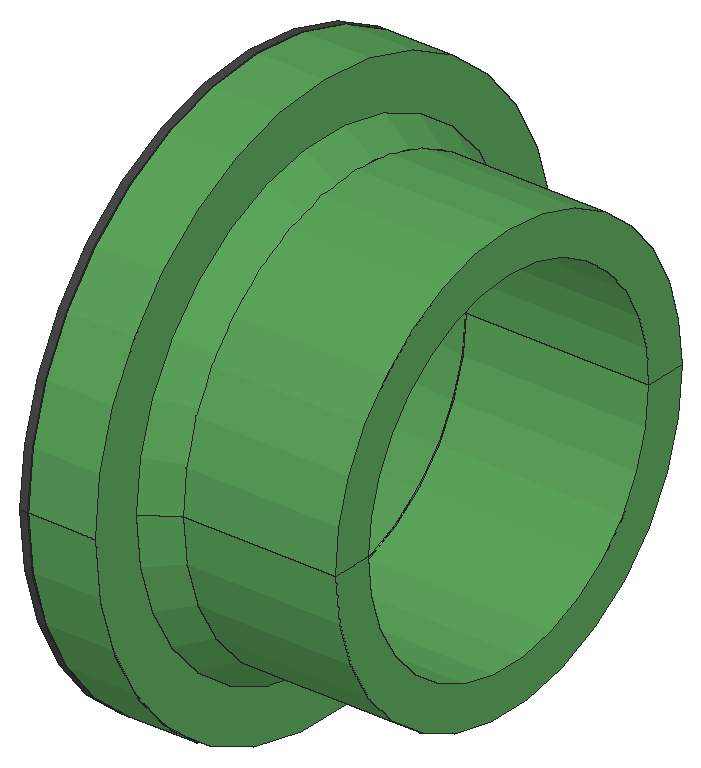
Revit family "Aquatherm_Втулка сбуртиком для сварки встык", category Соединительные детали трубопроводов, Revit 2019
Family settings
  Размер круглого соединителя = Использовать диаметр
  Тип детали = Соединение
  На основе рабочей плоскости = Нет
  Всегда вертикально = Да
  При загрузке вырезать с полостями = Нет
  Общий = Нет
Parameters (values of type "SDR 11")
  Материал_Корпус_2 = AquaTherm black pipe
  Материал_Корпус = AquaTherm green pipe
  z2 [instance] = size_lookup("Втулка сбуртиком для сварки встык", "z2", 5 mm, d, SDR)  # 3 mm
  URL = "www.agpipe.ru"
  SDR = 11 mm
  L [instance] = size_lookup("Втулка сбуртиком для сварки встык", "L", 5 mm, d, SDR)  # 93 mm
  D1 [instance] = size_lookup("Втулка сбуртиком для сварки встык", "D1", D + 30 mm, d, SDR)  # 212 mm
  D [instance] = size_lookup("Втулка сбуртиком для сварки встык", "D", d + 15 mm, d, SDR)  # 175 mm
  l [instance] = size_lookup("Втулка сбуртиком для сварки встык", "l", 70 mm, d, SDR)  # 25 mm
  d [instance] = 160 mm
  ADSK_Примечание = ""
  ADSK_Позиция [instance] = ""
  ADSK_Обозначение = ""
  ADSK_Наименование [instance] = size_lookup("Втулка сбуртиком для сварки встык", "ADSK_Наименование", "Нет в каталоге", d, SDR)  # "Втулка с буртиком для сварки встык DN168"
  ADSK_Масса_Текст [instance] = size_lookup("Втулка сбуртиком для сварки встык", "ADSK_Масса_Текст", "Нет в каталоге", d, SDR)  # "0.955"
  ADSK_Код изделия [instance] = size_lookup("Втулка сбуртиком для сварки встык", "ADSK_Код изделия", "Нет в каталоге", d, SDR)  # "15531"
  ADSK_Завод-изготовитель = "Aquatherm"  # constant formula
  ADSK_Единица измерения = "шт."  # constant formula
Types (4, lengths in mm): name | SDR | ADSK_Наименование | ADSK_Масса_Текст | ADSK_Код изделия
  (no name) | 11 | "Втулка с буртиком для сварки встык DN168" | "0.955" | "15531"
  SDR 9 | 9 | "Втулка с буртиком для сварки встык DN160" | "1.163" | "15530"
  SDR 11 | 11 | "Втулка с буртиком для сварки встык DN168" | "0.955" | "15531"
  SDR 17.6 | 17.6 | "Втулка с буртиком для сварки встык DN175" | "0.821" | "2515530"
Reference planes
  plane 1 "По центру (Вперед/Назад)": y = 0
  plane 2: z = 0
  plane 3 "По центру (Влево/Вправо)": x = 0
  plane 4: x = -46.5
  plane 5: x = 46.5
  plane 6: x = -49.5
  plane 7: x = -20
  plane 8: x = -21.5
  plane 9: y = 80
  plane 10: y = -80
  plane 11: y = -87.5
  plane 12: y = 87.5
  plane 13: y = 80
  plane 14: y = -80
Forms (mm)
  Extrusion 1, solid, material "AquaTherm black pipe" <- "Материал_Корпус_2"
    sketch origin (0, 0, 0) x (0, 1, 0) y (0, 0, 1)
      loop
        circle (0, 0) r 106
    from -49.5 to -46.5
  Extrusion 2, solid, material "AquaTherm green pipe" <- "Материал_Корпус"
    sketch origin (0, 0, 0) x (0, 1, 0) y (0, 0, 1)
      loop
        circle (0, 0) r 106
    from -46.5 to -21.5
  Revolve 3, solid, material "AquaTherm green pipe" <- "Материал_Корпус"
    sketch origin (0, 0, 0) x (1, 0, 0) y (0, 1, 0)
      loop
        line (-21.5, 65) -> (46.5, 65) -> (46.5, 80) -> (-10, 80) -> (-21.5, 87.5) -> (-21.5, 65)
      axis (-21.5, 0) -> (46.5, 0)
    angle from 0 to 360
  Revolve 4, void
    sketch origin (0, 0, 0) x (1, 0, 0) y (0, 1, 0)
      loop
        line (-21.5, 65) -> (-46.5, 69.957) -> (-49.5, 69.957) -> (-49.5, 0) -> (-21.5, 0) -> (-21.5, 65)
      axis (-49.5, 0) -> (-21.5, 0)
    angle from 0 to 360
Cuts and joins
  Revolve 4 cuts Extrusion 1
  Revolve 4 cuts Extrusion 2
Lines and regions (mm)
  reference lines
    curve 1: line (-46.5, 0, 0) -> (46.5, 0, 0)
Dimensions and locks
  equal spacing: plane 4, plane 3 "По центру (Влево/Вправо)", plane 5
  "z2": plane 6 to plane 4
  "L": plane 4 to plane 5
  "l": plane 4 to plane 8
  equal spacing: plane 9, plane 1 "По центру (Вперед/Назад)", plane 10
  "d": plane 9 to plane 10
  equal spacing: plane 11, plane 1 "По центру (Вперед/Назад)", plane 12
  "D": plane 11 to plane 12
  locked: Revolve 3 sketch curve to plane 9 at 15
  equal spacing: plane 13, plane 1 "По центру (Вперед/Назад)", plane 14
  "d": plane 13 to plane 14
  locked: Revolve 4 sketch curve to plane 13 at 10.043
  locked: Revolve 4 sketch curve to plane 13 at 15
  "D1": diameter of Extrusion 1 sketch curve
  "D1": diameter of Extrusion 2 sketch curve
  aligned and locked: level to plane 2
  aligned and locked: plane 5 to curve 1
  aligned and locked: plane 4 to curve 1
  aligned and locked: plane 1 "По центру (Вперед/Назад)" to curve 1
  aligned and locked: Extrusion 1 to plane 6
  aligned and locked: plane 4 to Extrusion 1
  aligned and locked: Extrusion 2 to plane 4
  aligned and locked: plane 8 to Extrusion 2
  aligned and locked: plane 9 to Revolve 3 sketch curve
  aligned and locked: plane 5 to Revolve 3 sketch curve
  aligned and locked: Revolve 3 sketch curve to plane 8
  aligned and locked: plane 12 to Revolve 3 sketch curve
  aligned and locked: plane 1 "По центру (Вперед/Назад)" to Revolve 3 sketch curve
  aligned and locked: plane 8 to Revolve 4 sketch curve
  aligned and locked: Revolve 4 sketch curve to plane 6
  aligned and locked: plane 1 "По центру (Вперед/Назад)" to Revolve 4 sketch curve  (x2)
  aligned and locked: plane 4 to Revolve 4 sketch curve
Automatic sketch dimensions
  Extrusion 1 sketch curve to level = 0 mm
  Extrusion 1 sketch curve to plane 1 "По центру (Вперед/Назад)" = 0 mm
  Extrusion 2 sketch curve to level = 0 mm
  Extrusion 2 sketch curve to plane 1 "По центру (Вперед/Назад)" = 0 mm
  Revolve 3 sketch curve to plane 3 "По центру (Влево/Вправо)" = 10 mm
  Revolve 3 sketch curve to plane 5 = 9 mm
  plane 5 to Revolve 3 sketch curve = 100 mm
  Revolve 4 sketch curve to plane 6 = 40 mm
  Revolve 4 sketch curve to plane 8 = 9 mm
Connectors
  piping at (-46.5, 0, 0), diameter 160, driven by "d"
    settings: on curve 1, index 1, connector inside diameter 609.6 mm, connector length 0 mm, flow factor 0, pipe flow 0.0 L/s, pressure drop 0.0 Pa, fitting loss kfactor 0, connector angle 0.00°, fixture units 0, engagement length 0 mm, angle of deflection 0.00°, flow configuration 0, flow direction 0, fitting loss method 0, system type 28, joint type 0, gender type 0, connector reference index 2, connector utility 0, adjustable connector no, is connector primary yes, connector description ""
  piping at (46.5, 0, 0), diameter 160, driven by "d"
    settings: on curve 1, index 2, connector inside diameter 609.6 mm, connector length 0 mm, flow factor 0, pipe flow 0.0 L/s, pressure drop 0.0 Pa, fitting loss kfactor 0, connector angle 0.00°, fixture units 0, engagement length 0 mm, angle of deflection 0.00°, flow configuration 0, flow direction 0, fitting loss method 0, system type 28, joint type 0, gender type 0, connector reference index 1, connector utility 0, adjustable connector no, is connector primary no, connector description ""
